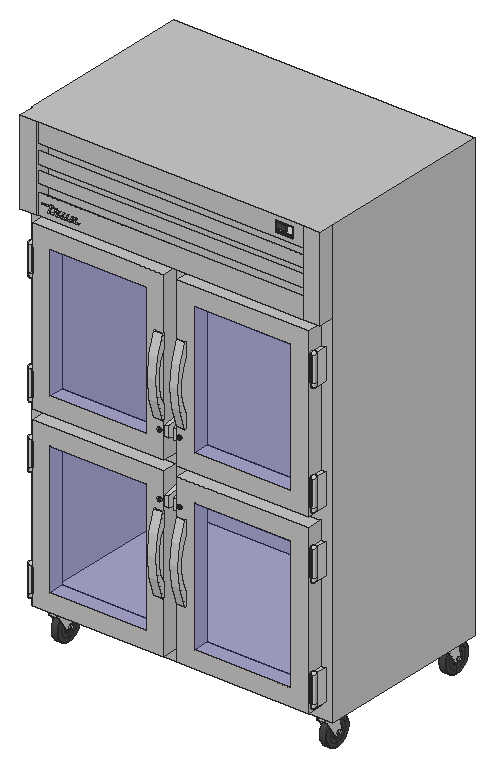
Revit family "QF_TRUE_STG2H-4HG", category Specialty Equipment, Revit 2012 (continued)
Automatic sketch dimensions
  Extrusion 8 sketch curve to Extrusion 8 sketch curve = 0.02615"
  Extrusion 8 sketch curve to Extrusion 8 sketch curve = 0.11806"
  Extrusion 8 sketch curve to Extrusion 8 sketch curve = 0.15103"
  Extrusion 8 sketch curve to Extrusion 8 sketch curve = 0.10007"
  Extrusion 8 sketch curve to Extrusion 8 sketch curve = 0.5254"
  Extrusion 8 sketch curve to Extrusion 8 sketch curve = 0.14787"
  Extrusion 8 sketch curve to plane 6 "TOP" = 13.64562"
  Extrusion 8 sketch curve to Extrusion 8 sketch curve = 0.07275"
  Extrusion 8 sketch curve to Extrusion 8 sketch curve = 0.05776"
  Extrusion 8 sketch curve to Extrusion 8 sketch curve = 0.08631"
  Extrusion 8 sketch curve to Extrusion 8 sketch curve = 0.09282"
  Extrusion 8 sketch curve to Extrusion 8 sketch curve = 0.13018"
  Extrusion 8 sketch curve to Extrusion 8 sketch curve = 0.16714"
  Extrusion 8 sketch curve to Extrusion 8 sketch curve = 0.11061"
  Extrusion 8 sketch curve to Extrusion 8 sketch curve = 0.06046"
  Extrusion 8 sketch curve to Extrusion 8 sketch curve = 0.16548"
  Extrusion 8 sketch curve to Extrusion 8 sketch curve = 0.14279"
  Extrusion 8 sketch curve to Extrusion 8 sketch curve = 0.0496"
  Extrusion 8 sketch curve to Extrusion 8 sketch curve = 0.07293"
  Extrusion 8 sketch curve to Extrusion 8 sketch curve = 0.07764"
  Extrusion 8 sketch curve to Extrusion 8 sketch curve = 0.03794"
  Extrusion 8 sketch curve to Extrusion 8 sketch curve = 0.08552"
  Extrusion 8 sketch curve to Extrusion 8 sketch curve = 0.09296"
  Extrusion 8 sketch curve to Extrusion 8 sketch curve = 0.09314"
  Extrusion 8 sketch curve to Extrusion 8 sketch curve = 0.02781"
  Extrusion 8 sketch curve to Extrusion 8 sketch curve = 0.04981"
  Extrusion 8 sketch curve to Extrusion 8 sketch curve = 0.09315"
  Extrusion 8 sketch curve to Extrusion 8 sketch curve = 0.04799"
  Extrusion 8 sketch curve to Extrusion 8 sketch curve = 0.02531"
  Extrusion 8 sketch curve to Extrusion 8 sketch curve = 0.03054"
  Extrusion 8 sketch curve to Extrusion 8 sketch curve = 0.2589"
  Extrusion 8 sketch curve to Extrusion 8 sketch curve = 0.0674"
  Extrusion 8 sketch curve to Extrusion 8 sketch curve = 0.0324"
  Extrusion 8 sketch curve to Extrusion 8 sketch curve = 0.26185"
  Extrusion 8 sketch curve to Extrusion 8 sketch curve = 11/256"
  Extrusion 8 sketch curve to Extrusion 8 sketch curve = 0.07366"
  Extrusion 8 sketch curve to Extrusion 8 sketch curve = 0.02187"
  Extrusion 8 sketch curve to Extrusion 8 sketch curve = 0.06479"
  Extrusion 8 sketch curve to Extrusion 8 sketch curve = 0.01183"
  Extrusion 8 sketch curve to Extrusion 8 sketch curve = 0.05778"
  Extrusion 8 sketch curve to Extrusion 8 sketch curve = 0.53375"
  Extrusion 8 sketch curve to Extrusion 8 sketch curve = 0.23098"
  Extrusion 8 sketch curve to Extrusion 8 sketch curve = 0"
  Extrusion 8 sketch curve to Extrusion 8 sketch curve = 0.05045"
  Extrusion 8 sketch curve to Extrusion 8 sketch curve = 0.09139"
  Extrusion 8 sketch curve to Extrusion 8 sketch curve = 29/128"  (x3)
  Extrusion 9 sketch curve to plane 10 = 13/32"
  Extrusion 9 sketch curve to plane 6 "TOP" = 2 1/8"
  plane 5 "FRONT" to Extrusion 10 sketch curve = 0.2"  (x2)
  plane 5 "FRONT" to Extrusion 10 sketch curve = 0"  (x2)
  Extrusion 10 sketch curve to plane 5 "FRONT" = 7.77899"
  Extrusion 10 sketch curve to Extrusion 10 sketch curve = 7.30945"
  Extrusion 10 sketch curve to plane 6 "TOP" = 25.38027"
  Extrusion 10 sketch curve to Extrusion 10 sketch curve = 2.4"
  Extrusion 10 sketch curve to Extrusion 10 sketch curve = 4.4"
  Extrusion 10 sketch curve to Extrusion 10 sketch curve = 0"
  Blend 11 sketch curve to plane 12 = 1 1/8"  (x2)
  Blend 11 sketch curve to plane 12 = 3/8"
  plane 7 to Blend 11 sketch curve = 36.49169"
  Blend 11 sketch curve to Blend 11 sketch curve = 1 3/4"
  Blend 11 sketch curve to plane 12 = 0.19277"
  plane 7 to Blend 11 sketch curve = 35.8941"
  Blend 11 sketch curve to Blend 11 sketch curve = 2.78233"
  Blend 12 sketch curve to plane 8 = 1 9/32"
  Blend 12 sketch curve to plane 8 = 17/32"
  plane 7 to Blend 12 sketch curve = 38.24169"
  Blend 12 sketch curve to Blend 12 sketch curve = 1 3/4"
  plane 8 to Blend 12 sketch curve = 1 9/32"
  plane 8 to Blend 12 sketch curve = 0.34902"
  Blend 12 sketch curve to plane 7 = 35.8941"
  Blend 12 sketch curve to Blend 12 sketch curve = 2.78233"
  Extrusion 13 sketch curve to plane 5 "FRONT" = 1/2"
  Extrusion 13 sketch curve to Extrusion 13 sketch curve = 0.43503"
  Extrusion 13 sketch curve to Extrusion 13 sketch curve = 0.20453"
  Extrusion 13 sketch curve to Extrusion 13 sketch curve = 1.61044"
  Extrusion 13 sketch curve to plane 6 "TOP" = 24.88873"
  Extrusion 13 sketch curve to Extrusion 13 sketch curve = 0.71221"
  Extrusion 13 sketch curve to Extrusion 13 sketch curve = 4.39928"
  Revolve 14 sketch curve to plane 5 "FRONT" = 0.07771"  (x2)
  Revolve 14 sketch curve to Revolve 14 sketch curve = 0.38242"
  Revolve 14 sketch curve to Revolve 14 sketch curve = 0.38436"
  Revolve 14 sketch curve to plane 5 "FRONT" = 31/64"
  Revolve 14 sketch curve to Revolve 14 sketch curve = 0.40666"
  Revolve 14 sketch curve to Revolve 14 sketch curve = 0"
  Revolve 14 sketch curve to plane 6 "TOP" = 25.07719"
  Revolve 14 sketch curve to Revolve 14 sketch curve = 0.32931"
  Revolve 14 sketch curve to Revolve 14 sketch curve = 0.51246"
  Revolve 14 sketch curve to Revolve 14 sketch curve = 0.05342"
  Revolve 14 sketch curve to Revolve 14 sketch curve = 4.42889"
  Revolve 14 sketch curve to Revolve 14 sketch curve = 0.04281"
  Revolve 14 sketch curve to Revolve 14 sketch curve = 0.18929"
  Revolve 14 sketch curve to Revolve 14 sketch curve = 0.55526"
  Extrusion 15 sketch curve to plane 9 = 1.14759"
  Extrusion 15 sketch curve to Extrusion 15 sketch curve = 0.39759"
  Extrusion 15 sketch curve to plane 6 "TOP" = 24.12421"
  Extrusion 15 sketch curve to Extrusion 15 sketch curve = 4.47281"
  Extrusion 16 sketch curve to plane 5 "FRONT" = 1/2"
  Extrusion 16 sketch curve to Extrusion 16 sketch curve = 0.43503"
  Extrusion 16 sketch curve to Extrusion 16 sketch curve = 0.20453"
  Extrusion 16 sketch curve to Extrusion 16 sketch curve = 1.61044"
  plane 7 to Extrusion 16 sketch curve = 33.61127"
  Extrusion 16 sketch curve to Extrusion 16 sketch curve = 0.71221"
  Extrusion 16 sketch curve to Extrusion 16 sketch curve = 4.39928"
  Revolve 17 sketch curve to plane 5 "FRONT" = 0.07771"  (x2)
  Revolve 17 sketch curve to Revolve 17 sketch curve = 0.38242"
  Revolve 17 sketch curve to Revolve 17 sketch curve = 0.38436"
  Revolve 17 sketch curve to plane 5 "FRONT" = 31/64"
  Revolve 17 sketch curve to Revolve 17 sketch curve = 0.40666"
  Revolve 17 sketch curve to Revolve 17 sketch curve = 0"
  plane 7 to Revolve 17 sketch curve = 33.42281"
  Revolve 17 sketch curve to Revolve 17 sketch curve = 0.32931"
  Revolve 17 sketch curve to Revolve 17 sketch curve = 0.51246"
  Revolve 17 sketch curve to Revolve 17 sketch curve = 0.05342"
  Revolve 17 sketch curve to Revolve 17 sketch curve = 4.42889"
  Revolve 17 sketch curve to Revolve 17 sketch curve = 0.04281"
  Revolve 17 sketch curve to Revolve 17 sketch curve = 0.18929"
  Revolve 17 sketch curve to Revolve 17 sketch curve = 0.55526"
  Extrusion 18 sketch curve to plane 9 = 1.14759"
  Extrusion 18 sketch curve to Extrusion 18 sketch curve = 0.39759"
  plane 7 to Extrusion 18 sketch curve = 34.37579"
  Extrusion 18 sketch curve to Extrusion 18 sketch curve = 4.47281"
  Extrusion 19 sketch curve to plane 5 "FRONT" = 1/2"
  Extrusion 19 sketch curve to Extrusion 19 sketch curve = 0.43503"
  Extrusion 19 sketch curve to Extrusion 19 sketch curve = 0.20453"
  Extrusion 19 sketch curve to Extrusion 19 sketch curve = 1.61044"
  plane 7 to Extrusion 19 sketch curve = 22.61127"
  Extrusion 19 sketch curve to Extrusion 19 sketch curve = 0.71221"
  Extrusion 19 sketch curve to Extrusion 19 sketch curve = 4.39928"
  Revolve 20 sketch curve to plane 5 "FRONT" = 0.07771"  (x2)
  Revolve 20 sketch curve to Revolve 20 sketch curve = 0.38242"
  Revolve 20 sketch curve to Revolve 20 sketch curve = 0.38436"
  Revolve 20 sketch curve to plane 5 "FRONT" = 31/64"
  Revolve 20 sketch curve to Revolve 20 sketch curve = 0.40666"
  Revolve 20 sketch curve to Revolve 20 sketch curve = 0"
  plane 7 to Revolve 20 sketch curve = 22.42281"
  Revolve 20 sketch curve to Revolve 20 sketch curve = 0.32931"
  Revolve 20 sketch curve to Revolve 20 sketch curve = 0.51246"
  Revolve 20 sketch curve to Revolve 20 sketch curve = 0.05342"
  Revolve 20 sketch curve to Revolve 20 sketch curve = 4.42889"
  Revolve 20 sketch curve to Revolve 20 sketch curve = 0.04281"
  Revolve 20 sketch curve to Revolve 20 sketch curve = 0.18929"
  Revolve 20 sketch curve to Revolve 20 sketch curve = 0.55526"
  Extrusion 21 sketch curve to plane 9 = 1.14759"
  Extrusion 21 sketch curve to Extrusion 21 sketch curve = 0.39759"
  plane 7 to Extrusion 21 sketch curve = 23.37579"
  Extrusion 21 sketch curve to Extrusion 21 sketch curve = 4.47281"
  Extrusion 22 sketch curve to plane 5 "FRONT" = 1/2"
  Extrusion 22 sketch curve to Extrusion 22 sketch curve = 0.43503"
  Extrusion 22 sketch curve to Extrusion 22 sketch curve = 0.20453"
  Extrusion 22 sketch curve to Extrusion 22 sketch curve = 1.61044"
  plane 7 to Extrusion 22 sketch curve = 2.86127"
  Extrusion 22 sketch curve to Extrusion 22 sketch curve = 0.71221"
  Extrusion 22 sketch curve to Extrusion 22 sketch curve = 4.39928"
  Revolve 23 sketch curve to plane 5 "FRONT" = 0.07771"  (x2)
  Revolve 23 sketch curve to Revolve 23 sketch curve = 0.38242"
  Revolve 23 sketch curve to Revolve 23 sketch curve = 0.38436"
  Revolve 23 sketch curve to plane 5 "FRONT" = 31/64"
  Revolve 23 sketch curve to Revolve 23 sketch curve = 0.40666"
  Revolve 23 sketch curve to Revolve 23 sketch curve = 0"
  plane 7 to Revolve 23 sketch curve = 2.67281"
  Revolve 23 sketch curve to Revolve 23 sketch curve = 0.32931"
  Revolve 23 sketch curve to Revolve 23 sketch curve = 0.51246"
  Revolve 23 sketch curve to Revolve 23 sketch curve = 0.05342"
  Revolve 23 sketch curve to Revolve 23 sketch curve = 4.42889"
  Revolve 23 sketch curve to Revolve 23 sketch curve = 0.04281"
  Revolve 23 sketch curve to Revolve 23 sketch curve = 0.18929"
  Revolve 23 sketch curve to Revolve 23 sketch curve = 0.55526"
  Extrusion 24 sketch curve to plane 9 = 1.14759"
  Extrusion 24 sketch curve to Extrusion 24 sketch curve = 0.39759"
  plane 7 to Extrusion 24 sketch curve = 3.62579"
  Extrusion 24 sketch curve to Extrusion 24 sketch curve = 4.47281"
  Extrusion 25 sketch curve to plane 5 "FRONT" = 1/2"
  Extrusion 25 sketch curve to Extrusion 25 sketch curve = 0.43503"
  Extrusion 25 sketch curve to Extrusion 25 sketch curve = 0.20453"
  Extrusion 25 sketch curve to Extrusion 25 sketch curve = 1.61044"
  Extrusion 25 sketch curve to plane 6 "TOP" = 19.57271"
  Extrusion 25 sketch curve to Extrusion 25 sketch curve = 4.39928"
  Extrusion 25 sketch curve to Extrusion 25 sketch curve = 0.71221"
  Revolve 26 sketch curve to plane 5 "FRONT" = 0.07771"  (x2)
  Revolve 26 sketch curve to Revolve 26 sketch curve = 0.38242"
  Revolve 26 sketch curve to Revolve 26 sketch curve = 0.38436"
  Revolve 26 sketch curve to plane 5 "FRONT" = 31/64"
  Revolve 26 sketch curve to Revolve 26 sketch curve = 0.40666"
  Revolve 26 sketch curve to Revolve 26 sketch curve = 0"
  Revolve 26 sketch curve to plane 6 "TOP" = 18.75492"
  Revolve 26 sketch curve to Revolve 26 sketch curve = 0.55526"
  Revolve 26 sketch curve to Revolve 26 sketch curve = 0.19474"
  Revolve 26 sketch curve to Revolve 26 sketch curve = 0.14649"
  Revolve 26 sketch curve to Revolve 26 sketch curve = 4.42889"
  Revolve 26 sketch curve to Revolve 26 sketch curve = 0.05342"
  Revolve 26 sketch curve to Revolve 26 sketch curve = 0.51246"
  Revolve 26 sketch curve to Revolve 26 sketch curve = 0.05889"
  plane 10 to Extrusion 27 sketch curve = 1.14759"
  Extrusion 27 sketch curve to Extrusion 27 sketch curve = 0.39759"
  Extrusion 27 sketch curve to plane 6 "TOP" = 19.6514"
  Extrusion 27 sketch curve to Extrusion 27 sketch curve = 4.47281"
  Extrusion 28 sketch curve to plane 5 "FRONT" = 1/2"
  Extrusion 28 sketch curve to Extrusion 28 sketch curve = 0.43503"
  Extrusion 28 sketch curve to Extrusion 28 sketch curve = 0.20453"
  Extrusion 28 sketch curve to Extrusion 28 sketch curve = 1.61044"
  plane 7 to Extrusion 28 sketch curve = 38.92729"
  Extrusion 28 sketch curve to Extrusion 28 sketch curve = 4.39928"
  Extrusion 28 sketch curve to Extrusion 28 sketch curve = 0.71221"
  Revolve 29 sketch curve to plane 5 "FRONT" = 0.07771"  (x2)
  Revolve 29 sketch curve to Revolve 29 sketch curve = 0.38242"
  Revolve 29 sketch curve to Revolve 29 sketch curve = 0.38436"
  Revolve 29 sketch curve to plane 5 "FRONT" = 31/64"
  Revolve 29 sketch curve to Revolve 29 sketch curve = 0.40666"
  Revolve 29 sketch curve to Revolve 29 sketch curve = 0"
  Revolve 29 sketch curve to plane 6 "TOP" = 38.25492"
  Revolve 29 sketch curve to Revolve 29 sketch curve = 0.55526"
  Revolve 29 sketch curve to Revolve 29 sketch curve = 0.19474"
  Revolve 29 sketch curve to Revolve 29 sketch curve = 0.14649"
  Revolve 29 sketch curve to Revolve 29 sketch curve = 4.42889"
  Revolve 29 sketch curve to Revolve 29 sketch curve = 0.05342"
  Revolve 29 sketch curve to Revolve 29 sketch curve = 0.51246"
  Revolve 29 sketch curve to Revolve 29 sketch curve = 0.05889"
  plane 10 to Extrusion 30 sketch curve = 1.14759"
  Extrusion 30 sketch curve to Extrusion 30 sketch curve = 0.39759"
  plane 7 to Extrusion 30 sketch curve = 38.8486"
  Extrusion 30 sketch curve to Extrusion 30 sketch curve = 4.47281"
  Extrusion 31 sketch curve to plane 5 "FRONT" = 1/2"
  Extrusion 31 sketch curve to Extrusion 31 sketch curve = 0.43503"
  Extrusion 31 sketch curve to Extrusion 31 sketch curve = 0.20453"
  Extrusion 31 sketch curve to Extrusion 31 sketch curve = 1.61044"
  plane 7 to Extrusion 31 sketch curve = 27.92729"
  Extrusion 31 sketch curve to Extrusion 31 sketch curve = 4.39928"
  Extrusion 31 sketch curve to Extrusion 31 sketch curve = 0.71221"
  Revolve 32 sketch curve to plane 5 "FRONT" = 0.07771"  (x2)
  Revolve 32 sketch curve to Revolve 32 sketch curve = 0.38242"
  Revolve 32 sketch curve to Revolve 32 sketch curve = 0.38436"
  Revolve 32 sketch curve to plane 5 "FRONT" = 31/64"
  Revolve 32 sketch curve to Revolve 32 sketch curve = 0.40666"
  Revolve 32 sketch curve to Revolve 32 sketch curve = 0"
  plane 7 to Revolve 32 sketch curve = 28.74508"
  Revolve 32 sketch curve to Revolve 32 sketch curve = 0.55526"
  Revolve 32 sketch curve to Revolve 32 sketch curve = 0.19474"
  Revolve 32 sketch curve to Revolve 32 sketch curve = 0.14649"
  Revolve 32 sketch curve to Revolve 32 sketch curve = 4.42889"
  Revolve 32 sketch curve to Revolve 32 sketch curve = 0.05342"
  Revolve 32 sketch curve to Revolve 32 sketch curve = 0.51246"
  Revolve 32 sketch curve to Revolve 32 sketch curve = 0.05889"
  plane 10 to Extrusion 33 sketch curve = 1.14759"
  Extrusion 33 sketch curve to Extrusion 33 sketch curve = 0.39759"
  plane 7 to Extrusion 33 sketch curve = 27.8486"
  Extrusion 33 sketch curve to Extrusion 33 sketch curve = 4.47281"
  Extrusion 34 sketch curve to plane 5 "FRONT" = 1/2"
  Extrusion 34 sketch curve to Extrusion 34 sketch curve = 0.43503"
  Extrusion 34 sketch curve to Extrusion 34 sketch curve = 0.20453"
  Extrusion 34 sketch curve to Extrusion 34 sketch curve = 1.61044"
  plane 7 to Extrusion 34 sketch curve = 8.17729"
  plane 7 to Extrusion 34 sketch curve = 3.57348"
  Extrusion 34 sketch curve to Extrusion 34 sketch curve = 0.71221"
  Revolve 35 sketch curve to plane 5 "FRONT" = 0.07771"  (x2)
  Revolve 35 sketch curve to Revolve 35 sketch curve = 0.38242"
  Revolve 35 sketch curve to Revolve 35 sketch curve = 0.38436"
  Revolve 35 sketch curve to plane 5 "FRONT" = 31/64"
  Revolve 35 sketch curve to Revolve 35 sketch curve = 0.40666"
  Revolve 35 sketch curve to Revolve 35 sketch curve = 0"
  plane 7 to Revolve 35 sketch curve = 8.99508"
  Revolve 35 sketch curve to Revolve 35 sketch curve = 0.55526"
  Revolve 35 sketch curve to Revolve 35 sketch curve = 0.19474"
  Revolve 35 sketch curve to Revolve 35 sketch curve = 0.14649"
  plane 7 to Revolve 35 sketch curve = 3.62689"
  Revolve 35 sketch curve to Revolve 35 sketch curve = 0.05342"
  Revolve 35 sketch curve to Revolve 35 sketch curve = 0.51246"
  Revolve 35 sketch curve to Revolve 35 sketch curve = 0.05889"
  plane 10 to Extrusion 36 sketch curve = 1.14759"
  Extrusion 36 sketch curve to Extrusion 36 sketch curve = 0.39759"
  plane 7 to Extrusion 36 sketch curve = 8.0986"
  plane 7 to Extrusion 36 sketch curve = 3.62579"
  Revolve 37 sketch curve to plane 10 = 1.50773"
  Revolve 37 sketch curve to Revolve 37 sketch curve = 0.48273"
  Revolve 37 sketch curve to plane 10 = 5/8"  (x2)
  Revolve 37 sketch curve to Revolve 37 sketch curve = 0.1"  (x2)
  Revolve 37 sketch curve to Revolve 37 sketch curve = 0.16101"
  plane 10 to Revolve 37 sketch curve = 0.12908"
  plane 10 to Revolve 37 sketch curve = 0.46399"
  plane 10 to Revolve 37 sketch curve = 0.525"
  Revolve 37 sketch curve to Revolve 37 sketch curve = 1/2"
  Revolve 37 sketch curve to Revolve 37 sketch curve = 0.16509"
  Revolve 37 sketch curve to Revolve 37 sketch curve = 0.39592"
  level to Revolve 37 sketch curve = 2 1/2"
  Revolve 37 sketch curve to Revolve 37 sketch curve = 0"
  Revolve 37 sketch curve to Revolve 37 sketch curve = 0.29941"  (x2)
  Revolve 37 sketch curve to Revolve 37 sketch curve = 3/4"  (x4)
  Revolve 37 sketch curve to Revolve 37 sketch curve = 0.59652"
  Revolve 37 sketch curve to Revolve 37 sketch curve = 0.60059"
  Extrusion 38 sketch curve to plane 7 = 0.63926"  (x2)
  Extrusion 38 sketch curve to plane 5 "FRONT" = 3.79864"
  Extrusion 38 sketch curve to Extrusion 38 sketch curve = 1/4"  (x2)
  level to Extrusion 38 sketch curve = 2.18736"  (x2)
  Extrusion 38 sketch curve to Extrusion 38 sketch curve = 1.7492"
  Extrusion 38 sketch curve to Extrusion 38 sketch curve = 0.50669"  (x2)
  Extrusion 38 sketch curve to Extrusion 38 sketch curve = 2 1/2"
  level to Extrusion 38 sketch curve = 2.59003"
  Extrusion 38 sketch curve to Extrusion 38 sketch curve = 0.59966"  (x2)
  plane 1 "BACK" to Extrusion 38 sketch curve = 3.8577"
  plane 1 "BACK" to Extrusion 38 sketch curve = 1.8585"
  plane 1 "BACK" to Extrusion 38 sketch curve = 1.1077"
  Extrusion 38 sketch curve to Extrusion 38 sketch curve = 0.32905"
  Extrusion 38 sketch curve to Extrusion 38 sketch curve = 0.60485"  (x2)
  Extrusion 39 sketch curve to plane 7 = 0.63926"  (x2)
  Extrusion 39 sketch curve to plane 5 "FRONT" = 3.79864"
  Extrusion 39 sketch curve to Extrusion 39 sketch curve = 1/4"  (x2)
  level to Extrusion 39 sketch curve = 2.18736"  (x2)
  Extrusion 39 sketch curve to Extrusion 39 sketch curve = 1.7492"
  Extrusion 39 sketch curve to Extrusion 39 sketch curve = 0.50669"  (x2)
  Extrusion 39 sketch curve to Extrusion 39 sketch curve = 2 1/2"
  level to Extrusion 39 sketch curve = 2.59003"
  Extrusion 39 sketch curve to Extrusion 39 sketch curve = 0.59966"  (x2)
  plane 1 "BACK" to Extrusion 39 sketch curve = 3.8577"
  plane 1 "BACK" to Extrusion 39 sketch curve = 1.8585"
  plane 1 "BACK" to Extrusion 39 sketch curve = 1.1077"
  Extrusion 39 sketch curve to Extrusion 39 sketch curve = 0.32905"
  Extrusion 39 sketch curve to Extrusion 39 sketch curve = 0.60485"  (x2)
  Revolve 40 sketch curve to plane 10 = 0"  (x2)
  Revolve 40 sketch curve to plane 7 = 0.62954"
  Revolve 40 sketch curve to plane 10 = 1.29707"
  Revolve 40 sketch curve to Revolve 40 sketch curve = 0.10278"
  Revolve 40 sketch curve to plane 7 = 0.00141"
  plane 7 to Revolve 40 sketch curve = 0.26768"
  Revolve 41 sketch curve to level = 0"
  Revolve 41 sketch curve to plane 10 = 0"  (x2)
  Revolve 41 sketch curve to plane 10 = 1/2"
  Revolve 41 sketch curve to Revolve 41 sketch curve = 1/4"
  Revolve 41 sketch curve to plane 7 = 0"
  Revolve 41 sketch curve to Revolve 41 sketch curve = 1.33338"
  level to Revolve 41 sketch curve = 1"
  Revolve 41 sketch curve to Revolve 41 sketch curve = 5/8"
  plane 7 to Revolve 41 sketch curve = 1 25/32"
  Revolve 42 sketch curve to level = 0"
  Revolve 42 sketch curve to plane 10 = 0"  (x2)
  Revolve 42 sketch curve to plane 10 = 1/2"
  Revolve 42 sketch curve to Revolve 42 sketch curve = 1/4"
  Revolve 42 sketch curve to plane 7 = 0"
  Revolve 42 sketch curve to Revolve 42 sketch curve = 1.33338"
  level to Revolve 42 sketch curve = 1"
  Revolve 42 sketch curve to Revolve 42 sketch curve = 5/8"
  plane 7 to Revolve 42 sketch curve = 1 25/32"
  Revolve 43 sketch curve to plane 10 = 0"  (x2)
  Revolve 43 sketch curve to plane 7 = 0.62954"
  Revolve 43 sketch curve to plane 10 = 1.29707"
  Revolve 43 sketch curve to Revolve 43 sketch curve = 0.10278"
  Revolve 43 sketch curve to plane 7 = 0.00141"
  plane 7 to Revolve 43 sketch curve = 0.26768"
  Extrusion 44 sketch curve to plane 7 = 0.63926"  (x2)
  Extrusion 44 sketch curve to plane 5 "FRONT" = 3.79864"
  Extrusion 44 sketch curve to Extrusion 44 sketch curve = 1/4"  (x2)
  Extrusion 44 sketch curve to Extrusion 44 sketch curve = 2 1/2"
  Extrusion 44 sketch curve to plane 7 = 0.93273"  (x2)
  Extrusion 44 sketch curve to Extrusion 44 sketch curve = 0.03603"
  plane 1 "BACK" to Extrusion 44 sketch curve = 3.8577"
  Extrusion 44 sketch curve to plane 7 = 1.24411"
  plane 1 "BACK" to Extrusion 44 sketch curve = 1.1077"
  Revolve 45 sketch curve to plane 10 = 1.50773"
  Revolve 45 sketch curve to Revolve 45 sketch curve = 0.48273"
  Revolve 45 sketch curve to plane 10 = 5/8"  (x2)
  Revolve 45 sketch curve to Revolve 45 sketch curve = 0.1"  (x2)
  Revolve 45 sketch curve to Revolve 45 sketch curve = 0.16101"
  plane 10 to Revolve 45 sketch curve = 0.12908"
  plane 10 to Revolve 45 sketch curve = 0.46399"
  plane 10 to Revolve 45 sketch curve = 0.525"
  Revolve 45 sketch curve to Revolve 45 sketch curve = 1/2"
  Revolve 45 sketch curve to Revolve 45 sketch curve = 0.16509"
  Revolve 45 sketch curve to Revolve 45 sketch curve = 0.39592"
  level to Revolve 45 sketch curve = 2 1/2"
  Revolve 45 sketch curve to Revolve 45 sketch curve = 0"
  Revolve 45 sketch curve to Revolve 45 sketch curve = 0.29941"  (x2)
  Revolve 45 sketch curve to Revolve 45 sketch curve = 3/4"  (x4)
  Revolve 45 sketch curve to Revolve 45 sketch curve = 0.59652"
  Revolve 45 sketch curve to Revolve 45 sketch curve = 0.60059"
  plane 3 "LEFT" to Revolve 46 sketch curve = 1.33602"
  Revolve 46 sketch curve to Revolve 46 sketch curve = 0.48273"
  Revolve 46 sketch curve to plane 9 = 5/8"  (x2)
  Revolve 46 sketch curve to Revolve 46 sketch curve = 0.1"  (x2)
  Revolve 46 sketch curve to Revolve 46 sketch curve = 0.16101"
  plane 9 to Revolve 46 sketch curve = 0.12908"
  plane 9 to Revolve 46 sketch curve = 0.46399"
  plane 9 to Revolve 46 sketch curve = 0.525"
  Revolve 46 sketch curve to Revolve 46 sketch curve = 1/2"
  Revolve 46 sketch curve to Revolve 46 sketch curve = 0.16509"
  Revolve 46 sketch curve to Revolve 46 sketch curve = 0.39592"
  level to Revolve 46 sketch curve = 2 1/2"
  Revolve 46 sketch curve to Revolve 46 sketch curve = 0"
  Revolve 46 sketch curve to Revolve 46 sketch curve = 0.29941"  (x2)
  Revolve 46 sketch curve to Revolve 46 sketch curve = 3/4"  (x4)
  Revolve 46 sketch curve to Revolve 46 sketch curve = 0.59652"
  Revolve 46 sketch curve to Revolve 46 sketch curve = 0.60059"
  Extrusion 47 sketch curve to plane 7 = 0.63926"  (x2)
  Extrusion 47 sketch curve to plane 5 "FRONT" = 3.79864"
  Extrusion 47 sketch curve to Extrusion 47 sketch curve = 1/4"  (x2)
  level to Extrusion 47 sketch curve = 2.18736"  (x2)
  Extrusion 47 sketch curve to Extrusion 47 sketch curve = 1.7492"
  Extrusion 47 sketch curve to Extrusion 47 sketch curve = 0.50669"  (x2)
  Extrusion 47 sketch curve to Extrusion 47 sketch curve = 2 1/2"
  level to Extrusion 47 sketch curve = 2.59003"
  Extrusion 47 sketch curve to Extrusion 47 sketch curve = 0.59966"  (x2)
  plane 1 "BACK" to Extrusion 47 sketch curve = 3.8577"
  plane 1 "BACK" to Extrusion 47 sketch curve = 1.8585"
  plane 1 "BACK" to Extrusion 47 sketch curve = 1.1077"
  Extrusion 47 sketch curve to Extrusion 47 sketch curve = 0.32905"
  Extrusion 47 sketch curve to Extrusion 47 sketch curve = 0.60485"  (x2)
  Extrusion 48 sketch curve to plane 7 = 0.63926"  (x2)
  Extrusion 48 sketch curve to plane 5 "FRONT" = 3.79864"
  Extrusion 48 sketch curve to Extrusion 48 sketch curve = 1/4"  (x2)
  level to Extrusion 48 sketch curve = 2.18736"  (x2)
  Extrusion 48 sketch curve to Extrusion 48 sketch curve = 1.7492"
  Extrusion 48 sketch curve to Extrusion 48 sketch curve = 0.50669"  (x2)
  Extrusion 48 sketch curve to Extrusion 48 sketch curve = 2 1/2"
  level to Extrusion 48 sketch curve = 2.59003"
  Extrusion 48 sketch curve to Extrusion 48 sketch curve = 0.59966"  (x2)
  plane 1 "BACK" to Extrusion 48 sketch curve = 3.8577"
  plane 1 "BACK" to Extrusion 48 sketch curve = 1.8585"
  plane 1 "BACK" to Extrusion 48 sketch curve = 1.1077"
  Extrusion 48 sketch curve to Extrusion 48 sketch curve = 0.32905"
  Extrusion 48 sketch curve to Extrusion 48 sketch curve = 0.60485"  (x2)
  Revolve 49 sketch curve to plane 9 = 0"  (x2)
  Revolve 49 sketch curve to plane 7 = 0.62954"
  Revolve 49 sketch curve to plane 9 = 1.29707"
  Revolve 49 sketch curve to Revolve 49 sketch curve = 0.10278"
  Revolve 49 sketch curve to plane 7 = 0.00141"
  plane 7 to Revolve 49 sketch curve = 0.26768"
  Revolve 50 sketch curve to level = 0"
  Revolve 50 sketch curve to plane 9 = 0"  (x2)
  Revolve 50 sketch curve to plane 9 = 1/2"
  Revolve 50 sketch curve to Revolve 50 sketch curve = 1/4"
  Revolve 50 sketch curve to plane 7 = 0"
  Revolve 50 sketch curve to plane 9 = 1.33338"
  level to Revolve 50 sketch curve = 1"
  Revolve 50 sketch curve to Revolve 50 sketch curve = 5/8"
  plane 7 to Revolve 50 sketch curve = 1 25/32"
  Revolve 51 sketch curve to level = 0"
  Revolve 51 sketch curve to plane 9 = 0"  (x2)
  Revolve 51 sketch curve to plane 9 = 1/2"
  Revolve 51 sketch curve to Revolve 51 sketch curve = 1/4"
  Revolve 51 sketch curve to plane 7 = 0"
  Revolve 51 sketch curve to plane 9 = 1.33338"
  level to Revolve 51 sketch curve = 1"
  Revolve 51 sketch curve to Revolve 51 sketch curve = 5/8"
  plane 7 to Revolve 51 sketch curve = 1 25/32"
  Revolve 52 sketch curve to plane 9 = 0"  (x2)
  Revolve 52 sketch curve to plane 7 = 0.62954"
  Revolve 52 sketch curve to plane 9 = 1.29707"
  Revolve 52 sketch curve to Revolve 52 sketch curve = 0.10278"
  Revolve 52 sketch curve to plane 7 = 0.00141"
  plane 7 to Revolve 52 sketch curve = 0.26768"
  Extrusion 53 sketch curve to plane 7 = 0.63926"  (x2)
  Extrusion 53 sketch curve to plane 5 "FRONT" = 3.79864"
  Extrusion 53 sketch curve to Extrusion 53 sketch curve = 1/4"  (x2)
  Extrusion 53 sketch curve to Extrusion 53 sketch curve = 2 1/2"
  Extrusion 53 sketch curve to plane 7 = 0.93273"  (x2)
  Extrusion 53 sketch curve to Extrusion 53 sketch curve = 0.03603"
  plane 1 "BACK" to Extrusion 53 sketch curve = 3.8577"
  Extrusion 53 sketch curve to plane 7 = 1.24411"
  plane 1 "BACK" to Extrusion 53 sketch curve = 1.1077"
  plane 3 "LEFT" to Revolve 54 sketch curve = 1.33602"
  Revolve 54 sketch curve to Revolve 54 sketch curve = 0.48273"
  Revolve 54 sketch curve to plane 9 = 5/8"  (x2)
  Revolve 54 sketch curve to Revolve 54 sketch curve = 0.1"  (x2)
  Revolve 54 sketch curve to Revolve 54 sketch curve = 0.16101"
  plane 9 to Revolve 54 sketch curve = 0.12908"
  plane 9 to Revolve 54 sketch curve = 0.46399"
  plane 9 to Revolve 54 sketch curve = 0.525"
  Revolve 54 sketch curve to Revolve 54 sketch curve = 1/2"
  Revolve 54 sketch curve to Revolve 54 sketch curve = 0.16509"
  Revolve 54 sketch curve to Revolve 54 sketch curve = 0.39592"
  level to Revolve 54 sketch curve = 2 1/2"
  Revolve 54 sketch curve to Revolve 54 sketch curve = 0"
  Revolve 54 sketch curve to Revolve 54 sketch curve = 0.29941"  (x2)
  Revolve 54 sketch curve to Revolve 54 sketch curve = 3/4"  (x4)
  Revolve 54 sketch curve to Revolve 54 sketch curve = 0.59652"
  Revolve 54 sketch curve to Revolve 54 sketch curve = 0.60059"
  Extrusion 55 sketch curve to plane 6 "TOP" = 2.55982"
  Extrusion 55 sketch curve to plane 10 = 5.12093"
  Extrusion 55 sketch curve to plane 10 = 2.21468"
  Extrusion 55 sketch curve to plane 6 "TOP" = 13/16"
  Extrusion 56 sketch curve to plane 6 "TOP" = 3/4"
  Extrusion 56 sketch curve to plane 10 = 5.18343"
  Extrusion 56 sketch curve to Extrusion 56 sketch curve = 1/16"  (x4)
  Extrusion 56 sketch curve to Extrusion 56 sketch curve = 0.1375"  (x2)
  Extrusion 56 sketch curve to Extrusion 56 sketch curve = 1/4"  (x4)
  Extrusion 56 sketch curve to Extrusion 56 sketch curve = 0.44601"
  Extrusion 56 sketch curve to Extrusion 56 sketch curve = 1/2"  (x2)
  Extrusion 56 sketch curve to Extrusion 56 sketch curve = 0.0035"
  Extrusion 56 sketch curve to Extrusion 56 sketch curve = 1.06923"
  Extrusion 56 sketch curve to plane 6 "TOP" = 0.95"
  Extrusion 56 sketch curve to Extrusion 56 sketch curve = 1"
  Extrusion 56 sketch curve to Extrusion 56 sketch curve = 0.34106"  (x3)
  Extrusion 56 sketch curve to Extrusion 56 sketch curve = 0"
  Extrusion 56 sketch curve to Extrusion 56 sketch curve = 0.26876"
  Extrusion 58 sketch curve to plane 9 = 0"
  Extrusion 58 sketch curve to plane 5 "FRONT" = 5.09023"
  Extrusion 59 sketch curve to plane 9 = 0"
  plane 1 "BACK" to Extrusion 59 sketch curve = 2.69102"
  Extrusion 60 sketch curve to plane 10 = 0"
  plane 1 "BACK" to Extrusion 60 sketch curve = 2.69102"
  Extrusion 61 sketch curve to plane 10 = 0"
  Extrusion 61 sketch curve to plane 5 "FRONT" = 5.09023"
  plane 5 "FRONT" to Extrusion 62 sketch curve = 0.2"  (x2)
  plane 5 "FRONT" to Extrusion 62 sketch curve = 0"  (x2)
  Extrusion 62 sketch curve to plane 5 "FRONT" = 7.77899"
  Extrusion 62 sketch curve to Extrusion 62 sketch curve = 7.30945"
  Extrusion 62 sketch curve to plane 6 "TOP" = 38.98027"
  Extrusion 62 sketch curve to Extrusion 62 sketch curve = 2.4"
  Extrusion 62 sketch curve to Extrusion 62 sketch curve = 4.4"
  Extrusion 62 sketch curve to Extrusion 62 sketch curve = 0"
  Extrusion 63 sketch curve to plane 12 = 1 213/256"
  Extrusion 63 sketch curve to Extrusion 63 sketch curve = 9/256"
  Extrusion 63 sketch curve to Extrusion 63 sketch curve = 0.0555"  (x2)
  Extrusion 63 sketch curve to plane 8 = 1.6984"
  Extrusion 63 sketch curve to Extrusion 63 sketch curve = 0.02035"
  plane 7 to Extrusion 63 sketch curve = 26.16365"
  Extrusion 63 sketch curve to Extrusion 63 sketch curve = 0"
  Extrusion 63 sketch curve to Extrusion 63 sketch curve = 0.27385"  (x2)
  Extrusion 63 sketch curve to Extrusion 63 sketch curve = 0.29355"  (x2)
  Blend 64 sketch curve to plane 12 = 1 1/8"
  Blend 64 sketch curve to plane 12 = 3/8"
  plane 7 to Blend 64 sketch curve = 25.50831"
  Blend 64 sketch curve to Blend 64 sketch curve = 1 3/4"
  plane 12 to Blend 64 sketch curve = 1 1/8"
  plane 12 to Blend 64 sketch curve = 0.19277"
  Blend 64 sketch curve to plane 7 = 27.8559"
  Blend 64 sketch curve to Blend 64 sketch curve = 2.78233"
  Blend 65 sketch curve to plane 8 = 1 9/32"  (x2)
  Blend 65 sketch curve to plane 8 = 17/32"
  plane 7 to Blend 65 sketch curve = 27.25831"
  Blend 65 sketch curve to Blend 65 sketch curve = 1 3/4"
  Blend 65 sketch curve to plane 8 = 0.34902"
  plane 7 to Blend 65 sketch curve = 27.8559"
  Blend 65 sketch curve to Blend 65 sketch curve = 2.78233"
  plane 5 "FRONT" to Extrusion 66 sketch curve = 0.2"  (x2)
  plane 5 "FRONT" to Extrusion 66 sketch curve = 0"  (x2)
  Extrusion 66 sketch curve to plane 5 "FRONT" = 7.77899"
  Extrusion 66 sketch curve to Extrusion 66 sketch curve = 7.30945"
  plane 7 to Extrusion 66 sketch curve = 24.73027"
  Extrusion 66 sketch curve to Extrusion 66 sketch curve = 2.4"
  Extrusion 66 sketch curve to Extrusion 66 sketch curve = 4.4"
  Extrusion 66 sketch curve to Extrusion 66 sketch curve = 0"
  plane 5 "FRONT" to Extrusion 67 sketch curve = 0.2"  (x2)
  plane 5 "FRONT" to Extrusion 67 sketch curve = 0"  (x2)
  Extrusion 67 sketch curve to plane 5 "FRONT" = 7.77899"
  Extrusion 67 sketch curve to Extrusion 67 sketch curve = 7.30945"
  plane 7 to Extrusion 67 sketch curve = 11.13027"
  Extrusion 67 sketch curve to Extrusion 67 sketch curve = 2.4"
  Extrusion 67 sketch curve to Extrusion 67 sketch curve = 4.4"
  Extrusion 67 sketch curve to Extrusion 67 sketch curve = 0"
  plane 9 to Extrusion 68 sketch curve = 2 1/4"  (x2)
  Extrusion 68 sketch curve to plane 12 = 4 1/8"
  Extrusion 68 sketch curve to plane 12 = 4 1/64"
  Extrusion 68 sketch curve to plane 8 = 4 9/32"  (x2)
  Extrusion 68 sketch curve to plane 10 = 2 13/32"  (x2)
  plane 7 to Extrusion 68 sketch curve = 4 29/32"  (x2)
  Extrusion 68 sketch curve to Extrusion 68 sketch curve = 23 3/32"
  Extrusion 68 sketch curve to Extrusion 68 sketch curve = 0"
  Extrusion 68 sketch curve to Extrusion 68 sketch curve = 7 3/4"  (x2)
  Extrusion 68 sketch curve to plane 6 "TOP" = 19 5/32"  (x2)
  plane 5 "FRONT" to Extrusion 69 sketch curve = 0"  (x2)
  plane 10 to Extrusion 69 sketch curve = 19/32"
  Extrusion 69 sketch curve to plane 8 = 1 9/32"
  Extrusion 69 sketch curve to plane 12 = 1 1/8"
  Extrusion 69 sketch curve to plane 9 = 3/4"
  Extrusion 3 to Extrusion 70 sketch curve = 0"
  Extrusion 70 sketch curve to Extrusion 3 = 1"
  Extrusion 3 to Extrusion 70 sketch curve = 22 1/8"
  Extrusion 70 sketch curve to Extrusion 70 sketch curve = 4 1/32"
  Extrusion 3 sketch curve to Extrusion 3 sketch curve = 1"  (x2)
  Extrusion 3 sketch curve to Extrusion 3 sketch curve = 27 3/32"
  Extrusion 3 sketch curve to Extrusion 3 sketch curve = 3 3/4"
  plane 8 to Extrusion 6 sketch curve = 4 1/8"
  plane 8 to Extrusion 6 sketch curve = 1 1/8"
  Extrusion 57 sketch curve to plane 13 = 0"  (x2)
  plane 5 "FRONT" to Extrusion 57 sketch curve = 0"  (x2)
  Extrusion 57 sketch curve to plane 5 "FRONT" = 29/256"
  plane 10 to Extrusion 57 sketch curve = 0.80145"
  plane 10 to Extrusion 57 sketch curve = 19/32"
  plane 8 to Extrusion 57 sketch curve = 1 1/8"
  Extrusion 57 sketch curve to plane 9 = 3/4"
  Extrusion 57 sketch curve to plane 5 "FRONT" = 0.06131"
  plane 1 "BACK" to curve 1 = 0"
  curve 1 to plane 3 "LEFT" = 0"
  plane 5 "FRONT" to curve 16 = 0"
  curve 3 to plane 4 "RIGHT" = 0"
  plane 3 "LEFT" to curve 29 = 1.38222"
  plane 3 "LEFT" to curve 26 = 1.38222"
  curve 16 to plane 9 = 3/4"
  curve 17 to curve 16 = 0"
  curve 30 to plane 9 = 0.31874"
  curve 27 to plane 9 = 0.31874"
  plane 1 "BACK" to curve 25 = 0.4208"
  plane 9 to curve 25 = 1.00722"
  plane 9 to curve 29 = 1.00722"
  plane 8 to curve 16 = 4.19804"
  plane 8 to curve 18 = 2.63537"
  plane 8 to curve 19 = 1.13537"
  curve 20 to curve 17 = 0.01037"
  curve 22 to plane 8 = 1 9/32"
  curve 15 to curve 23 = 0"
  curve 22 to curve 21 = 1 1/2"
  curve 15 to plane 8 = 4.35429"
  curve 7 to plane 10 = 2.55528"
  curve 11 to plane 10 = 2.55528"
  curve 13 to plane 10 = 1.25624"
  curve 9 to plane 10 = 1.25624"
  plane 10 to curve 10 = 0.06972"
  plane 10 to curve 7 = 0.06972"
  plane 10 to curve 14 = 19/32"
  curve 15 to curve 14 = 0"
  curve 18 to curve 18 = 1.64405"
  curve 23 to curve 15 = 1.64405"
  curve 5 to plane 5 "FRONT" = 2 1/4"
  curve 5 to curve 30 = 1.67849"
  curve 12 to plane 5 "FRONT" = 3.92849"
  curve 12 to curve 12 = 3/4"
  curve 30 to curve 29 = 3/4"
  plane 1 "BACK" to curve 8 = 5.71743"
  curve 27 to curve 24 = 5.29663"
  curve 8 to curve 7 = 3/4"
  radius of Extrusion 7 sketch curve = 0.35"  (x2)
  radius of Extrusion 9 sketch curve = 1/4"
  radius of Extrusion 58 sketch curve = 1 1/2"
  radius of Extrusion 59 sketch curve = 1 1/2"
  radius of Extrusion 60 sketch curve = 1 1/2"
  radius of Extrusion 61 sketch curve = 1 1/2"
  radius of Extrusion 63 sketch curve = 0.35"  (x2)
Connectors (in)
  electrical at (49.53125, -0.0625, 82), driven by "Volts", driven by "Watts"
    settings: on Extrusion 9, index 1, voltage 208 V, apparent load 3000 VA, apparent load phase1 0 VA, apparent load phase2 0 VA, apparent load phase3 0 VA, power factor 1, load classification "Other", number of poles 1, system type 30, power factor state 1, is connector primary yes, connector utility no, sub classification motor no, connector description "ELECTRICAL CONNECTION"
